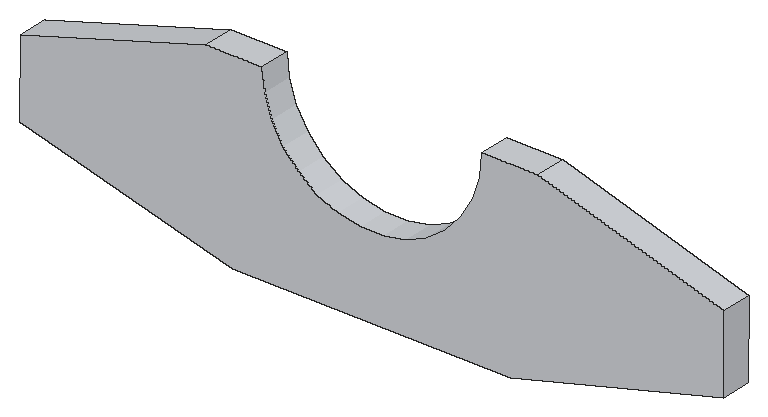
Revit family "月梁1", category 常规模型, Revit 2022
Family settings
  可将钢筋附着到主体 = 否
  圆形连接件大小 = 使用直径
  零件类型 = 标准
  基于工作平面 = 否
  总是垂直 = 是
  加载时剪切的空心 = 否
  保持注释方向 = 否
  共享 = 否
  房间计算点 = 否
Parameters
  默认高程 = 0 mm
  脊檩直径 [instance] = 170 mm
  月梁高 [instance] = 60 mm
  月梁长 [instance] = 256.523 mm
  月梁角度 [instance] = 17.00°
  月梁宽 [instance] = 23.707 mm
  下边角度 [instance] = 15.00°
  上边角度 [instance] = 7.00°
Reference planes
  plane 1 "中心(前/后)": y = 0
  plane 2: z = 0
  plane 3 "中心(左/右)": x = 0
Forms (mm)
  Extrusion 1, void
    sketch origin (-237.437, 487.437, 0) x (1, 0, 0) y (0, 0, 1)
      loop
        circle (362.437, 3613.569) r 85
    from 0 to 23.707
  Extrusion 2, solid
    sketch origin (-237.437, 487.437, 0) x (1, 0, 0) y (0, 0, 1)
      loop
        line (234.175, 3613.569) -> (90.73, 3569.713) -> (90.73, 3509.713) -> (254.937, 3465.714) -> (469.937, 3465.714) -> (634.145, 3509.713) -> (634.145, 3569.713) -> (490.699, 3613.569) -> (234.175, 3613.569)
    from 0 to 23.707
Cuts and joins
  Extrusion 1 cuts Extrusion 2
Lines and regions (mm)
  reference lines
    curve 1: line (253.262, 0, 3613.569) -> (454.086, 0, 3552.171)
    curve 2: line (253.262, 0, 3613.569) -> (458.262, 0, 3613.569)
    curve 3: line (-3.262, 0, 3613.569) -> (-204.086, 0, 3552.171)
    curve 4: line (-3.262, 0, 3613.569) -> (-248.262, 0, 3613.569)
    curve 5: line (-146.707, 0, 3509.713) -> (109.263, 0, 3441.126)
    curve 6: line (17.5, 0, 3465.714) -> (-158.497, 0, 3465.714)
    curve 7: line (232.5, 0, 3465.714) -> (458.262, 0, 3526.207)
    curve 8: line (232.5, 0, 3465.714) -> (458.262, 0, 3465.714)
Dimensions and locks
  "月梁长": Extrusion 2 sketch curve to Extrusion 2 sketch curve
  "月梁高": Extrusion 2 sketch curve to Extrusion 2 sketch curve
  "月梁宽": cut or joined group of Extrusion 1, Extrusion 2 to cut or joined group of Extrusion 1, Extrusion 2
  "脊檩直径": diameter of Extrusion 1 sketch curve
  "月梁角度": angle curve 1 to curve 2
  "下边角度": angle curve 8 to curve 7
  "月梁角度": angle curve 4 to curve 3
  "下边角度": angle cut or joined group of Extrusion 1, Extrusion 2 to curve 6
  aligned and locked: level to plane 2
  aligned and locked: curve 1 to cut or joined group of Extrusion 1, Extrusion 2
Automatic sketch dimensions
  plane 3 "中心(左/右)" to Extrusion 1 sketch curve = 125 mm
  level to Extrusion 1 sketch curve = 3613.569 mm
  Extrusion 2 sketch curve to plane 3 "中心(左/右)" = 146.707 mm
  Extrusion 2 sketch curve to plane 3 "中心(左/右)" = 3.262 mm
  plane 3 "中心(左/右)" to Extrusion 2 sketch curve = 17.5 mm
  Extrusion 2 sketch curve to Extrusion 2 sketch curve = 20.762 mm
  Extrusion 2 sketch curve to Extrusion 2 sketch curve = 143.446 mm
  level to Extrusion 2 sketch curve = 3465.714 mm
  Extrusion 2 sketch curve to Extrusion 2 sketch curve = 43.999 mm  (x2)
  Extrusion 2 sketch curve to Extrusion 2 sketch curve = 60 mm
  Extrusion 2 sketch curve to Extrusion 2 sketch curve = 147.855 mm
  curve 4 to plane 3 "中心(左/右)" = 3.262 mm
  plane 3 "中心(左/右)" to curve 8 = 232.5 mm
  curve 7 to curve 1 = 20.762 mm
  level to curve 7 = 3465.714 mm
  curve 7 to curve 2 = 147.855 mm
  curve 3 to curve 1 = 0 mm
  curve 3 to curve 5 = 57.378 mm
  curve 6 to curve 5 = 11.79 mm
  plane 3 "中心(左/右)" to curve 6 = 17.5 mm
  curve 6 to curve 5 = 91.763 mm
  curve 5 to curve 7 = 24.588 mm
  curve 6 to curve 3 = 86.457 mm
